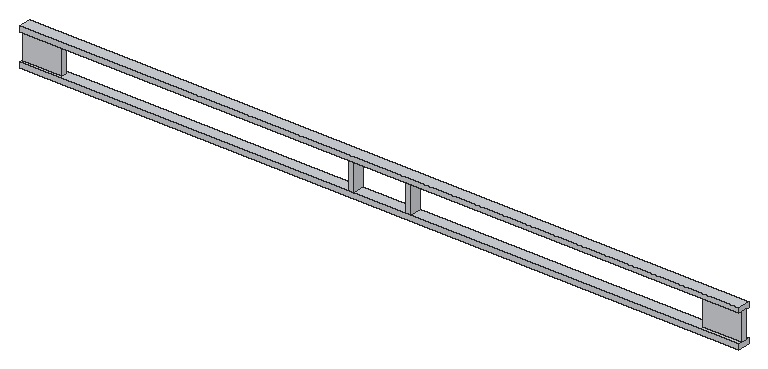
Revit family
Parameters
  Trimmable End Length = 300 mm
  Length [instance] = 6000 mm
  Depth = 286 mm
  Chord Width = 89 mm
  Chord Thickness = 38 mm
  Center Chase Width = 400 mm
Reference planes
  plane 1 "Center (Front/Back)": y = 0
  plane 2 "Center Elevation": z = 0
  plane 3 "Center (Left/Right)": x = 0
  plane 4 "Left": x = -3000
  plane 5 "Member Left": x = -2750
  plane 6 "Stick Symbol Left": x = -1000
  plane 7 "Right": x = 3000
  plane 8 "Member Right": x = 2750
  plane 9 "Stick Symbol Right": x = 1000
  plane 10: y = 44.5
  plane 11: y = -44.5
  plane 12: z = -143
  plane 13: z = 143
  plane 14: z = 105
  plane 15: z = -105
  plane 16: x = -2450
  plane 17: x = 2450
  plane 18: x = -200
  plane 19: x = 200
  plane 20: x = 238
  plane 21: x = -238
Forms (mm)
  Extrusion 1, solid
    sketch origin (-2750, 0, 0) x (0, -1, 0) y (0, 0, 1)
      loop
        line (-44.5, 105) -> (44.5, 105) -> (44.5, 143) -> (-44.5, 143) -> (-44.5, 105)
      loop
        line (-44.5, -143) -> (44.5, -143) -> (44.5, -105) -> (-44.5, -105) -> (-44.5, -143)
    from -5500 to 0
  Extrusion 2, solid
    sketch origin (0, 0, 0) x (1, 0, 0) y (0, 1, 0)
      loop
        line (-200, 44.5) -> (-238, 44.5) -> (-238, -44.5) -> (-200, -44.5) -> (-200, 44.5)
      loop
        line (238, 44.5) -> (200, 44.5) -> (200, -44.5) -> (238, -44.5) -> (238, 44.5)
    from -105 to 105
  Extrusion 3, solid
    sketch origin (2750, 0, 0) x (0, -1, 0) y (0, 0, 1)
      loop
        line (19, 105) -> (-19, 105) -> (-19, -105) -> (19, -105) -> (19, 105)
    from 0 to 300
  Extrusion 4, solid
    sketch origin (-2750, 0, 0) x (0, -1, 0) y (0, 0, 1)
      loop
        line (-19, 105) -> (-19, -105) -> (19, -105) -> (19, 105) -> (-19, 105)
    from 0 to -300
Lines and regions (mm)
  model lines, style "Stick Symbols", detail levels coarse
    curve 1: line (-1000, 0, 0) -> (1000, 0, 0)
Dimensions and locks
  plane 4 "Left" to plane 3 "Center (Left/Right)" to plane 7 "Right" = 3000 mm, 3000 mm
  "Length": plane 4 "Left" to plane 7 "Right"
  plane 10 to plane 1 "Center (Front/Back)" to plane 11 = 44.5 mm, 44.5 mm
  "Chord Width": plane 10 to plane 11
  plane 13 to plane 2 "Center Elevation" to plane 12 = 143 mm, 143 mm
  "Depth": plane 13 to plane 12
  plane 19 to plane 3 "Center (Left/Right)" to plane 18 = 200 mm, 200 mm
  "Center Chase Width": plane 19 to plane 18
  "Chord Thickness": plane 13 to plane 14
  "Chord Thickness": plane 15 to plane 12
  "Trimmable End Length": plane 5 "Member Left" to plane 16
  "Trimmable End Length": plane 17 to plane 8 "Member Right"
  "Chord Thickness": plane 20 to plane 19
  "Chord Thickness": plane 18 to plane 21
  plane 4 "Left" to plane 5 "Member Left" = 250 mm
  plane 8 "Member Right" to plane 7 "Right" = 250 mm
  aligned: plane 1 "Center (Front/Back)" to curve 1
  aligned: plane 6 "Stick Symbol Left" to curve 1
  aligned: plane 9 "Stick Symbol Right" to curve 1
  aligned: Extrusion 1 sketch curve to plane 10  (x2)
  aligned: Extrusion 1 sketch curve to plane 11  (x2)
  aligned: plane 13 to Extrusion 1 sketch curve
  aligned: Extrusion 1 sketch curve to plane 14
  aligned: Extrusion 1 sketch curve to plane 15
  aligned: Extrusion 1 sketch curve to plane 12
  aligned: Extrusion 1 to plane 8 "Member Right"
  aligned: plane 5 "Member Left" to Extrusion 1
  aligned: Extrusion 2 sketch curve to plane 18
  aligned: Extrusion 2 sketch curve to plane 21
  aligned: Extrusion 1 to Extrusion 2 sketch curve  (x4)
  aligned: Extrusion 2 sketch curve to plane 19
  aligned: Extrusion 2 sketch curve to plane 20
  aligned: Extrusion 2 to plane 15
  aligned: plane 14 to Extrusion 2
  aligned: plane 14 to Extrusion 3 sketch curve
  aligned: plane 15 to Extrusion 3 sketch curve
  aligned: Extrusion 4 sketch curve to plane 14
  aligned: Extrusion 4 sketch curve to plane 15
  aligned: plane 5 "Member Left" to Extrusion 4
  aligned: Extrusion 4 to plane 16
  aligned: Extrusion 3 to plane 8 "Member Right"
  aligned: plane 17 to Extrusion 3
Automatic sketch dimensions
  plane 11 to Extrusion 3 sketch curve = 25.5 mm
  Extrusion 3 sketch curve to plane 1 "Center (Front/Back)" = 19 mm
  Extrusion 4 sketch curve to plane 10 = 25.5 mm
  plane 1 "Center (Front/Back)" to Extrusion 4 sketch curve = 19 mm
